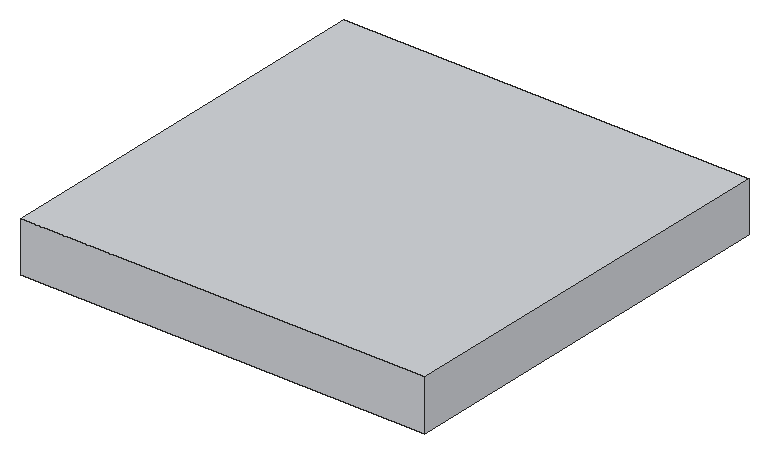
Revit family "H3006-TR035-EB", category Aparatos sanitarios, Revit 2021
Family settings
  Anfitrión = Cara
  Cota de conector redondo = Diámetro de uso
  Tipo de pieza = Normal
  Número OmniClass = 23.45.05.14.17
  Título OmniClass = Showers
  Corte con vacíos al cargar = No
  Compartido = Sí
  Punto de cálculo de habitación = Sí
Parameters (values of type "H3006-TR035-EB")
  URL = "https://www.helvex.com.mx//productos/modelo/regadera-de-chorro-fijo-premier-h3005-tr035-ebcr"
  Total Diameter = 6.00"
  Presión mínima de trabajo = 14.22 psi
  Presión máxima de trabajo = 85.34 psi
  Material EC = Ébano - Cromo
  Imagen de tipo = <Ninguno>
  Conexión = "½\"-14 NPSM"
  Comentarios de tipo = "Plato Ancho de 6\" Regadera con brazo y chapetón.\r\n3 Chorros."
  Total Length = 2.70"
  Modelo = "H3006-TR035"
  Material = Ébano
  Fabricante = "HELVEX S.A. DE C.V."
  Descripción = "Plato Ancho de 6\" Regadera con brazo y chapetón.orros.\r\n3 Chorros."
  Elevación por defecto = 0.50"
Types (4): name | URL | Total Diameter | Material EC | Comentarios de tipo | Total Length | Modelo | Material | Descripción
  (no name) | "https://www.helvex.com.mx//productos/modelo/regadera-de-chorro-fijo-premier-h3005-tr035-ebcr" | 6.00" | Ébano - Cromo | "Plato Ancho de 6\" Regadera con brazo y chapetón.\r\n3 Chorros." | 2.70" | "H3006-TR035" | Ébano | "Plato Ancho de 6\" Regadera con brazo y chapetón.orros.\r\n3 Chorros."
  H3005-TR035 | 0.00" | 9.60" | none | "Regadera redonda de plato ancho, multichorro 10\"\r\n3 Chorros.\r\n3 Chorros." | 22.20" | "H3005-TR035-EB" | 192_192_192 | "Regadera redonda de plato ancho, multichorro 10\"\r\n3 Chorros.\r\n3 Chorros."
  H3005-TR035-EB | "https://www.helvex.com.mx//productos/modelo/regadera-de-chorro-fijo-premier-h3005-tr035-ebcr" | 9.60" | Ébano - Cromo | "Regadera de media y alta presión\r\n3 Chorros.\r\n3 Chorros." | 22.20" | "H3005-TR035" | Ébano | "Regadera de media y alta presión\r\n3 Chorros.\r\n3 Chorros."
  H3006-TR035-EB | "https://www.helvex.com.mx//productos/modelo/regadera-de-chorro-fijo-premier-h3005-tr035-ebcr" | 6.00" | Ébano - Cromo | "Plato Ancho de 6\" Regadera con brazo y chapetón.\r\n3 Chorros." | 2.70" | "H3006-TR035" | Ébano | "Plato Ancho de 6\" Regadera con brazo y chapetón.orros.\r\n3 Chorros."
Reference planes (in)
  plane 1 "Center (Front/Back)": y = 0
  plane 2: z = 0
  plane 3 "Center (Left/Right)": x = 0
Forms (in)
  Extrusion 1, solid
    sketch origin (0, 0, 0) x (1, 0, 0) y (0, 1, 0)
      loop
        line (-48, 48) -> (-48, -48) -> (48, -48) -> (48, 48) -> (-48, 48)
    from 0 to -12
Dimensions and locks (in)
  aligned and locked: plane 2 to Extrusion 1
  aligned and locked: level to Extrusion 1
